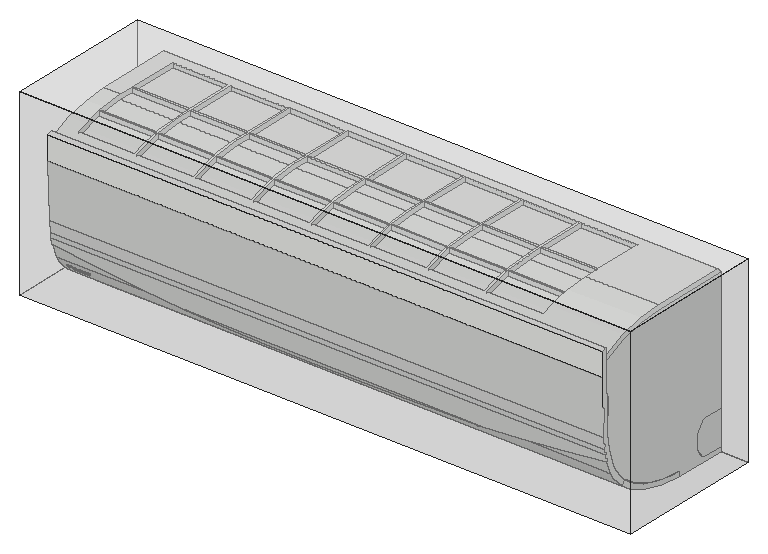
Revit family "outputfile", category 機械設備, Revit 2024 (continued)
Definition of nested family "DAIKIN_indoorunit_FTKM-QVMA"
  Automatic sketch dimensions
    Extrusion 20 sketch curve to Extrusion 20 sketch curve = 76.3 mm
    Extrusion 20 sketch curve to Extrusion 20 sketch curve = 7.433 mm
    Extrusion 20 sketch curve to Extrusion 20 sketch curve = 26.684 mm
    Extrusion 20 sketch curve to Extrusion 20 sketch curve = 8.909 mm
    plane 1 "Center (Front/Back)" to Extrusion 21 sketch curve = 218.957 mm
    Extrusion 21 sketch curve to Extrusion 21 sketch curve = 5.601 mm
    Extrusion 21 sketch curve to Extrusion 21 sketch curve = 65.735 mm
    Extrusion 21 sketch curve to Extrusion 21 sketch curve = 1.462 mm
    Extrusion 21 sketch curve to Extrusion 21 sketch curve = 83.356 mm
    plane 1 "Center (Front/Back)" to Extrusion 21 sketch curve = 92.093 mm
    Extrusion 21 sketch curve to Extrusion 21 sketch curve = 1.354 mm
    Extrusion 21 sketch curve to level = 291.755 mm
    Extrusion 21 sketch curve to Extrusion 21 sketch curve = 8.588 mm
    Extrusion 21 sketch curve to Extrusion 21 sketch curve = 29.018 mm
    Extrusion 21 sketch curve to Extrusion 21 sketch curve = 7.433 mm
    Extrusion 21 sketch curve to Extrusion 21 sketch curve = 75.403 mm
    Extrusion 21 sketch curve to Extrusion 21 sketch curve = 0.896 mm
    Extrusion 21 sketch curve to level = 72.504 mm
    Extrusion 21 sketch curve to Extrusion 21 sketch curve = 0.504 mm
    plane 1 "Center (Front/Back)" to Extrusion 22 sketch curve = 164.0 mm
    Extrusion 22 sketch curve to Extrusion 22 sketch curve = 34.0 mm
    plane 1 "Center (Front/Back)" to Extrusion 22 sketch curve = 92.093 mm
    Extrusion 22 sketch curve to Extrusion 22 sketch curve = 1.354 mm
    Extrusion 22 sketch curve to level = 291.755 mm
    Extrusion 22 sketch curve to Extrusion 22 sketch curve = 8.588 mm
    Extrusion 22 sketch curve to Extrusion 22 sketch curve = 0.077 mm
    Extrusion 22 sketch curve to Extrusion 22 sketch curve = 9.207 mm
    plane 1 "Center (Front/Back)" to Extrusion 23 sketch curve = 218.957 mm
    Extrusion 23 sketch curve to Extrusion 23 sketch curve = 5.601 mm
    Extrusion 23 sketch curve to Extrusion 23 sketch curve = 49.356 mm
    Extrusion 23 sketch curve to Extrusion 23 sketch curve = 65.735 mm
    Extrusion 23 sketch curve to Extrusion 23 sketch curve = 1.462 mm
    plane 1 "Center (Front/Back)" to Extrusion 23 sketch curve = 92.093 mm
    Extrusion 23 sketch curve to Extrusion 23 sketch curve = 1.354 mm
    Extrusion 23 sketch curve to level = 283.089 mm
    Extrusion 23 sketch curve to Extrusion 23 sketch curve = 9.207 mm
    Extrusion 23 sketch curve to Extrusion 23 sketch curve = 19.733 mm
    Extrusion 23 sketch curve to Extrusion 23 sketch curve = 7.433 mm
    Extrusion 23 sketch curve to Extrusion 23 sketch curve = 75.403 mm
    Extrusion 23 sketch curve to Extrusion 23 sketch curve = 0.896 mm
    Extrusion 23 sketch curve to level = 72.504 mm
    Extrusion 23 sketch curve to Extrusion 23 sketch curve = 0.504 mm
    Extrusion 24 sketch curve to level = 276.055 mm
    plane 1 "Center (Front/Back)" to Extrusion 24 sketch curve = 639.709 mm
    plane 1 "Center (Front/Back)" to Extrusion 24 sketch curve = 258.299 mm
    Extrusion 24 sketch curve to Extrusion 24 sketch curve = 2.64 mm
    Extrusion 24 sketch curve to Extrusion 24 sketch curve = 35.942 mm
    Extrusion 24 sketch curve to Extrusion 24 sketch curve = 1.937 mm
    Extrusion 24 sketch curve to Extrusion 24 sketch curve = 20.299 mm
    Extrusion 24 sketch curve to Extrusion 24 sketch curve = 45.88 mm
    Extrusion 24 sketch curve to Extrusion 24 sketch curve = 41.737 mm
    Extrusion 24 sketch curve to Extrusion 24 sketch curve = 13.741 mm
    Extrusion 24 sketch curve to Extrusion 24 sketch curve = 3.448 mm
    Extrusion 24 sketch curve to level = 253.495 mm
    Extrusion 24 sketch curve to Extrusion 24 sketch curve = 2.571 mm
    Extrusion 24 sketch curve to Extrusion 24 sketch curve = 37.558 mm
    Extrusion 24 sketch curve to Extrusion 24 sketch curve = 33.63 mm
    Extrusion 24 sketch curve to Extrusion 24 sketch curve = 0.492 mm
    Extrusion 24 sketch curve to Extrusion 24 sketch curve = 40.059 mm
    Extrusion 24 sketch curve to Extrusion 24 sketch curve = 22.435 mm
    Extrusion 24 sketch curve to Extrusion 24 sketch curve = 1.992 mm
    Extrusion 24 sketch curve to Extrusion 24 sketch curve = 37.063 mm
    Extrusion 24 sketch curve to Extrusion 24 sketch curve = 0.0 mm
    Extrusion 24 sketch curve to Extrusion 24 sketch curve = 4.147 mm
    Extrusion 25 sketch curve to Extrusion 25 sketch curve = 0.0 mm  (x4)
    Extrusion 25 sketch curve to plane 1 "Center (Front/Back)" = 0.0 mm
    plane 1 "Center (Front/Back)" to Extrusion 25 sketch curve = 87.233 mm
    Extrusion 25 sketch curve to Extrusion 25 sketch curve = 3.506 mm
    Extrusion 25 sketch curve to Extrusion 25 sketch curve = 92.593 mm
    Extrusion 25 sketch curve to Extrusion 25 sketch curve = 45.42 mm
    Extrusion 25 sketch curve to Extrusion 25 sketch curve = 58.927 mm
    Extrusion 25 sketch curve to Extrusion 25 sketch curve = 74.393 mm
    Extrusion 25 sketch curve to Extrusion 25 sketch curve = 2.031 mm
    Extrusion 25 sketch curve to level = 58.927 mm
    Extrusion 25 sketch curve to plane 1 "Center (Front/Back)" = 1866.935 mm
    Extrusion 25 sketch curve to level = 72.504 mm
    Extrusion 25 sketch curve to Extrusion 25 sketch curve = 74.381 mm
    Extrusion 25 sketch curve to Extrusion 25 sketch curve = 24.427 mm
    Extrusion 25 sketch curve to Extrusion 25 sketch curve = 74.426 mm
    Extrusion 25 sketch curve to Extrusion 25 sketch curve = 0.483 mm
    Extrusion 25 sketch curve to Extrusion 25 sketch curve = 4.137 mm
    Extrusion 25 sketch curve to Extrusion 25 sketch curve = 31.393 mm
    Extrusion 25 sketch curve to Extrusion 25 sketch curve = 9.215 mm
    Extrusion 25 sketch curve to level = 8.0 mm
    Extrusion 26 sketch curve to plane 1 "Center (Front/Back)" = 0.0 mm
    Extrusion 26 sketch curve to Extrusion 26 sketch curve = 20.0 mm  (x2)
    Extrusion 26 sketch curve to level = 287.035 mm
    Extrusion 27 sketch curve to plane 1 "Center (Front/Back)" = 0.0 mm
    Extrusion 27 sketch curve to Extrusion 27 sketch curve = 20.0 mm  (x2)
    Extrusion 27 sketch curve to level = 287.035 mm
    plane 1 "Center (Front/Back)" to Extrusion 28 sketch curve = 0.0 mm  (x2)
    plane 3 "Center (Left/Right)" to Extrusion 28 sketch curve = 469.0 mm
    Extrusion 28 sketch curve to Extrusion 28 sketch curve = 20.0 mm  (x4)
    Extrusion 28 sketch curve to plane 3 "Center (Left/Right)" = 409.0 mm
  Nested families
    nested 1: "daikin_logo_plane_w40" at (-320, -198.871, -233.244) x (1, 0, 0) z (0, -0.7841, -0.6206), visible <- "switch_unit1_20-46", type "daikin_logo_plane_w40"
      with show_logo yes
    nested 2: "daikin_logo_plane_w40" at (-430, -237.74, -233.244) x (1, 0, 0) z (0, -0.7841, -0.6206), visible <- "switch_unit1_50-71", type "daikin_logo_plane_w40"
      with show_logo yes
  Definition of nested family "daikin_logo_plane_w40"
    Parameters (values of type "daikin_logo_plane_w40")
      width = 40.0 mm
      show_logo [instance] = yes
      material = none
      height = 0.0 mm
      depth = 0.0 mm
      Default Elevation = 1219.2 mm
    Reference planes
      plane 1 "Center (Front/Back)": y = 0
      plane 2: z = 0
      plane 3 "Center (Left/Right)": x = 0
      plane 4: z = 2
      plane 5 "left": x = -19
      plane 6: x = 19
    Forms (mm)
      Extrusion 1, solid, visible <- "show_logo"
        sketch origin (-19, 0, 0) x (1, 0, 0) y (0, 1, 0)
          loop
            line (8.902, -1.878) -> (7.789, -6.332) -> (11.13, -6.332)
            arc (11.13, -6.332) -> (12.454, -6.064) -> (13.472, -5.176) r 2.642
            arc (13.472, -5.176) -> (13.92, -4.02) -> (13.767, -2.79) r 2.537
            arc (13.767, -2.79) -> (13.452, -2.342) -> (12.982, -2.06) r 1.321
            arc (12.982, -2.06) -> (12.063, -1.902) -> (11.13, -1.878) r 6.479
            line (11.13, -1.878) -> (8.902, -1.878)
          loop
            line (10.016, -5.441) -> (10.907, -5.441)
            arc (10.907, -5.441) -> (11.591, -4.983) -> (11.988, -4.261) r 1.742
            spline (11.988, -4.261) -> (12.01, -4.155) -> (12.027, -4.03) -> (12.037, -3.893) -> (12.037, -3.747) -> (12.026, -3.598) -> (12.002, -3.451) -> (11.962, -3.31) -> (11.905, -3.181) -> (11.829, -3.069) -> (11.731, -2.978) -> (11.61, -2.913) -> (11.464, -2.88)
            line (11.464, -2.88) -> (10.573, -2.88) -> (10.016, -5.441)
          loop
            line (13.58, -6.332) -> (14.805, -6.332) -> (15.223, -5.553) -> (16.977, -5.553) -> (17.144, -6.332) -> (19.149, -6.332) -> (18.258, -1.878) -> (16.03, -1.878) -> (13.58, -6.332)
          loop
            line (16.476, -3.214) -> (15.76, -4.551) -> (16.762, -4.551) -> (16.476, -3.214)
          loop
            line (19.705, -6.332) -> (21.599, -6.332) -> (22.712, -1.878) -> (20.819, -1.878) -> (19.705, -6.332)
          loop
            line (22.712, -6.332) -> (24.606, -6.332) -> (24.908, -5.122) -> (25.831, -6.332) -> (28.17, -6.332) -> (26.388, -3.994) -> (28.949, -1.878) -> (26.945, -1.878) -> (25.401, -3.153) -> (25.719, -1.878) -> (23.826, -1.878) -> (22.712, -6.332)
          loop
            line (29.84, -1.878) -> (28.615, -6.332) -> (30.62, -6.332) -> (31.734, -1.878) -> (29.84, -1.878)
          loop
            line (31.734, -6.332) -> (33.07, -6.332) -> (33.7, -3.814) -> (34.518, -6.332) -> (36.745, -6.332) -> (37.859, -1.878) -> (36.523, -1.878) -> (35.845, -4.589) -> (34.963, -1.878) -> (32.847, -1.878) -> (31.734, -6.332)
        from 0 to 2
      Extrusion 2, solid, visible <- "show_logo"
        sketch origin (-19, 0, 0) x (1, 0, 0) y (0, 1, 0)
          loop
            line (8.7, 0) -> (4.235, 0) -> (0, -3.879) -> (0, -8) -> (8.7, 0)
        from 0 to 2
      Extrusion 3, solid, visible <- "show_logo"
        sketch origin (-19, 0, 0) x (1, 0, 0) y (0, 1, 0)
          loop
            line (0, 0) -> (0, -3.879) -> (4.235, 0) -> (0, 0)
        from 0 to 2
    Dimensions and locks
      plane 4 to plane 2 = 2.0 mm
      equal spacing: plane 5 "left", plane 3 "Center (Left/Right)", plane 6
      locked: plane 5 "left" to plane 6 at 38
      aligned and locked: level to plane 2
      aligned and locked: Extrusion 3 to plane 1 "Center (Front/Back)"  (x2)
      aligned and locked: Extrusion 2 to plane 1 "Center (Front/Back)"  (x2)
      aligned and locked: plane 4 to Extrusion 1
      aligned and locked: plane 4 to Extrusion 3
      aligned and locked: plane 4 to Extrusion 2
      aligned and locked: Extrusion 3 to plane 5 "left"
      aligned and locked: Extrusion 2 to plane 5 "left"
    Automatic sketch dimensions
      Extrusion 1 sketch curve to Extrusion 1 sketch curve = 0.901 mm
      Extrusion 1 sketch curve to Extrusion 1 sketch curve = 1.559 mm
      Extrusion 1 sketch curve to Extrusion 1 sketch curve = 1.327 mm
      Extrusion 1 sketch curve to Extrusion 1 sketch curve = 2.145 mm
      Extrusion 1 sketch curve to Extrusion 1 sketch curve = 1.448 mm
      Extrusion 1 sketch curve to Extrusion 1 sketch curve = 2.116 mm
      Extrusion 1 sketch curve to Extrusion 1 sketch curve = 1.114 mm  (x4)
      Extrusion 1 sketch curve to Extrusion 1 sketch curve = 1.336 mm  (x2)
      plane 1 "Center (Front/Back)" to Extrusion 1 sketch curve = 1.878 mm  (x5)
      Extrusion 1 sketch curve to Extrusion 1 sketch curve = 1.893 mm  (x5)
      Extrusion 1 sketch curve to Extrusion 1 sketch curve = 0.891 mm  (x4)
      Extrusion 1 sketch curve to Extrusion 1 sketch curve = 2.005 mm  (x3)
      Extrusion 1 sketch curve to Extrusion 1 sketch curve = 0.445 mm  (x2)
      plane 1 "Center (Front/Back)" to Extrusion 1 sketch curve = 3.994 mm
      Extrusion 1 sketch curve to Extrusion 1 sketch curve = 0.557 mm  (x2)
      Extrusion 1 sketch curve to Extrusion 1 sketch curve = 2.339 mm  (x2)
      Extrusion 1 sketch curve to Extrusion 1 sketch curve = 1.225 mm  (x3)
      plane 1 "Center (Front/Back)" to Extrusion 1 sketch curve = 3.153 mm
      Extrusion 1 sketch curve to Extrusion 1 sketch curve = 0.987 mm
      plane 1 "Center (Front/Back)" to Extrusion 1 sketch curve = 5.122 mm
      Extrusion 1 sketch curve to Extrusion 1 sketch curve = 0.922 mm
      plane 1 "Center (Front/Back)" to Extrusion 1 sketch curve = 6.332 mm
      Extrusion 1 sketch curve to Extrusion 1 sketch curve = 2.562 mm
      plane 1 "Center (Front/Back)" to Extrusion 1 sketch curve = 5.553 mm
      Extrusion 1 sketch curve to Extrusion 1 sketch curve = 0.167 mm
      Extrusion 1 sketch curve to Extrusion 1 sketch curve = 0.215 mm
      plane 1 "Center (Front/Back)" to Extrusion 1 sketch curve = 3.214 mm
      Extrusion 1 sketch curve to Extrusion 1 sketch curve = 0.286 mm
      plane 1 "Center (Front/Back)" to Extrusion 1 sketch curve = 4.551 mm
      Extrusion 1 sketch curve to Extrusion 1 sketch curve = 1.002 mm
      Extrusion 1 sketch curve to Extrusion 1 sketch curve = 0.537 mm
      Extrusion 1 sketch curve to Extrusion 1 sketch curve = 0.418 mm
      Extrusion 1 sketch curve to Extrusion 1 sketch curve = 1.028 mm
      plane 1 "Center (Front/Back)" to Extrusion 1 sketch curve = 4.261 mm
      Extrusion 1 sketch curve to Extrusion 1 sketch curve = 0.563 mm
      plane 1 "Center (Front/Back)" to Extrusion 1 sketch curve = 2.88 mm
      Extrusion 1 sketch curve to Extrusion 1 sketch curve = 1.088 mm
      Extrusion 1 sketch curve to Extrusion 1 sketch curve = 2.152 mm
      Extrusion 1 sketch curve to Extrusion 1 sketch curve = 0.586 mm
      Extrusion 1 sketch curve to Extrusion 1 sketch curve = 0.118 mm
      Extrusion 1 sketch curve to Extrusion 1 sketch curve = 0.298 mm
      Extrusion 1 sketch curve to Extrusion 1 sketch curve = 0.334 mm
      Extrusion 1 sketch curve to Extrusion 1 sketch curve = 0.223 mm
      Extrusion 1 sketch curve to Extrusion 1 sketch curve = 0.266 mm
      Extrusion 1 sketch curve to Extrusion 1 sketch curve = 1.671 mm
      Extrusion 1 sketch curve to Extrusion 1 sketch curve = 2.227 mm
      Extrusion 1 sketch curve to Extrusion 1 sketch curve = 0.0 mm  (x7)
      Extrusion 1 sketch curve to Extrusion 1 sketch curve = 3.453 mm
      Extrusion 1 sketch curve to Extrusion 1 sketch curve = 2.017 mm
      Extrusion 1 sketch curve to Extrusion 1 sketch curve = 0.78 mm  (x2)
      Extrusion 1 sketch curve to Extrusion 1 sketch curve = 1.743 mm
      Extrusion 1 sketch curve to Extrusion 1 sketch curve = 0.775 mm
      Extrusion 1 sketch curve to Extrusion 1 sketch curve = 0.552 mm
      Extrusion 1 sketch curve to Extrusion 1 sketch curve = 0.014 mm
      Extrusion 1 sketch curve to Extrusion 1 sketch curve = 0.952 mm
      Extrusion 1 sketch curve to Extrusion 1 sketch curve = 1.215 mm
      Extrusion 1 sketch curve to Extrusion 1 sketch curve = 0.108 mm
      plane 1 "Center (Front/Back)" to Extrusion 2 sketch curve = 0.0 mm
      Extrusion 2 sketch curve to plane 3 "Center (Left/Right)" = 19.0 mm
      Extrusion 2 sketch curve to plane 3 "Center (Left/Right)" = 14.765 mm
      Extrusion 2 sketch curve to Extrusion 2 sketch curve = 4.465 mm
      plane 1 "Center (Front/Back)" to Extrusion 2 sketch curve = 3.879 mm
      Extrusion 2 sketch curve to Extrusion 2 sketch curve = 4.12 mm
      plane 1 "Center (Front/Back)" to Extrusion 3 sketch curve = 0.0 mm
      Extrusion 3 sketch curve to plane 3 "Center (Left/Right)" = 19.0 mm
      Extrusion 3 sketch curve to plane 3 "Center (Left/Right)" = 14.765 mm
      plane 1 "Center (Front/Back)" to Extrusion 3 sketch curve = 3.879 mm
      Extrusion 1 sketch curve to plane 3 "Center (Left/Right)" = 11.211 mm
      Extrusion 1 sketch curve to Extrusion 1 sketch curve = 1.782 mm
Definition of nested family "daikin_connector_rotate3"
  Parameters (values of type "daikin_connector_rotate3")
    show [instance] = yes
    radius [instance] = 10.0 mm
    length [instance] = 600.0 mm
    angle_horizontal [instance] = 60.00°
    angle_vertical [instance] = 90.00°
    Default Elevation = 1219.2 mm
  Reference planes
    plane 1 "Center (Front/Back)": y = 0
    plane 2: z = 0
    plane 3 "Center (Left/Right)": x = 0
  Dimensions and locks
    "angle_horizontal": angle plane 3 "Center (Left/Right)" to nested 1
    aligned and locked: level to plane 2
    aligned and locked: plane 1 "Center (Front/Back)" to nested 1  (x2)
    aligned and locked: plane 3 "Center (Left/Right)" to nested 1
  Nested families
    nested 1: "daikin_connector_rotate2" at (0, 0, 0) x (0.5, 0.866, 0) z (0, 0, 1), angle_vertical <- "angle_vertical", length <- "length", radius <- "radius", type "daikin_connector_rotate2"
      with radius 10.0 mm, length 600.0 mm, angle_vertical 90.00°
  Definition of nested family "daikin_connector_rotate2"
    Parameters (values of type "daikin_connector_rotate2")
      show_face = yes
      radius [instance] = 10.0 mm
      length [instance] = 600.0 mm
      d_surface = 10.0 mm
      angle_vertical [instance] = 90.00°
      Default Elevation = 0.0 mm
    Reference planes
      plane 1 "Center (Front/Back)": y = 0
      plane 2: z = 0
      plane 3 "Center (Left/Right)": x = 0
    Forms (mm)
      Extrusion 1, solid, visible <- "show_face"
        sketch origin (0, -600, 0) x (1, 0, 0) y (0, 0, 1)
          loop
            circle (0, 0) r 10
        from 0 to -10
    Lines and regions (mm)
      reference lines
        curve 1: line (0, 0, 0) -> (0, -600, 0)
      symbolic lines
        curve 2: circle (0, 0, 0) r 5 normal (0, 0, 1)
      model lines, visible <- "show_face"
        curve 3: line (0, 0, 0) -> (0, -600, 0)
    Dimensions and locks
      "length": curve 1 to curve 1
      "length": curve 3 to curve 3
      "d_surface": Extrusion 1 to Extrusion 1
      "radius": radius of Extrusion 1 sketch curve
      "angle_vertical": angle curve 1 to plane 1 "Center (Front/Back)"
      "angle_vertical": angle curve 3 to plane 1 "Center (Front/Back)"
      aligned and locked: level to plane 2
      aligned and locked: plane 1 "Center (Front/Back)" to curve 1
      aligned and locked: plane 2 to curve 1
      aligned and locked: plane 1 "Center (Front/Back)" to curve 2
      aligned and locked: plane 3 "Center (Left/Right)" to curve 2
      aligned and locked: plane 1 "Center (Front/Back)" to curve 3
      aligned and locked: plane 2 to curve 3
      aligned and locked: Extrusion 1 to Extrusion 1
    Automatic sketch dimensions
      Extrusion 1 sketch curve to level = 0.0 mm
      Extrusion 1 sketch curve to plane 3 "Center (Left/Right)" = 0.0 mm
      radius of curve 2 = 5.0 mm
